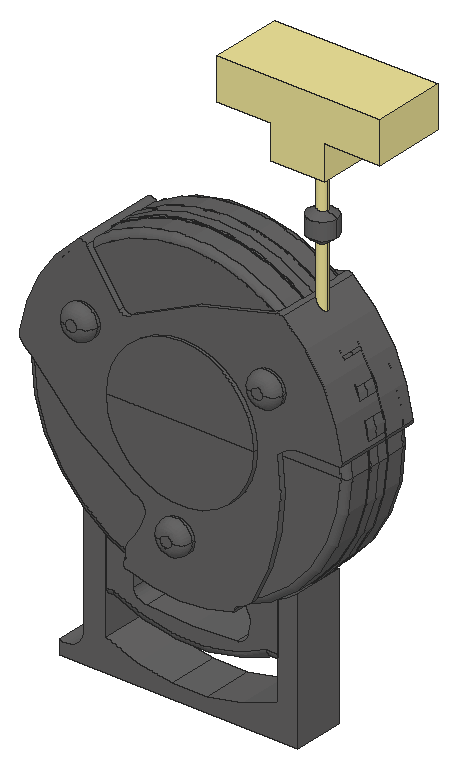
Revit family "Speciality_Equipment-Cord_Reel-Hubbell_Wiring-System_K5-HBLC40123TT", category Specialty Equipment, host Face, Revit 2015
Parameters (values of type "HBLC40123TT")
  Youtube clip = ""
  Weight Net (Kg) = "0"
  Wattage = 1875 W
  Voltage = 125 V
  Uniformat II Description = ""
  Uniformat II Code = ""
  Uniclass 2015 Name = "Hoses, hose reels and ancillaries"
  Uniclass 2015 Code = "Pr_65_52_38"
  Uniclass 2.0 Description = "Hoses And Hose Reels"
  Uniclass 2.0 Code = "PR-62-38"
  Uniclass 1.4 Description = "Hoses, hose reels and enclosures/cabinets"
  Uniclass 1.4 Code = "L882"
  URL = "http://www.hubbell-wiring.com/"
  UNSPSC Code = "26121635"
  Technical description = "https://hubbellcdn.com/catalogpage/Wiring_Catalog_K5_CatPage.pdf"
  Region South America = "None"
  Region Oceania = "None"
  Region North America = "US"
  Region Middle East = "None"
  Region Europe = "None"
  Region Asia = "None"
  Region Antarctica = "None"
  Region Africa = "None"
  QR code = "http://bimobject.com/hubbellwiring/product/Cord-and-Cable-Reels-HBLC40123TT"
  Product url = "https://www.hubbell.com/wiringdevice-kellems/en/Products/Electrical-Electronic/WireCableHose-Management/CableCordHose-Reels/Cord-Reels/HBLC40123TT/p/1646568"
  Product group = "Cord Reels"
  Product family = "Wire/Cable/Hose Management"
  Product data url = "https://bimobject.com/hubbellwiring/product/Cord-and-Cable-Reels-HBLC40123TT"
  Product certification = ""
  Product SKU = "Cord-and-Cable-Reels-HBLC40123TT"
  Product Page URL = "https://www.hubbell.com/wiringdevice-kellems/en/Products/Electrical-Electronic/WireCableHose-Management/CableCordHose-Reels/Cord-Reels/HBLC40123TT/p/1646568"
  Product Guid = "b8097240-b461-4c17-9f0d-d004f17924bf"
  Product Documentation Link = "https://hubbellcdn.com/catalogpage/Wiring_Catalog_K5_CatPage.pdf"
  OmniClass Description = "Electrical Cable Reels"
  OmniClass Code = "23-35 33 17 11"
  Nominal width = 0.000"
  Nominal height = 0.000"
  NBS Reference Description = "Hoses And Hose Reels"
  NBS Reference Code = "62-38"
  Model = "HBLC40123TT"
  Material secondary = ""
  Material main = "Steel"
  Masterformat 2014 Description = "Boxes for Electrical Systems"
  Masterformat 2014 Code = "26 05 33.16"
  Manufacturer name = "Hubbell Wiring Device-Kellems"
  Manufacturer country = "United States"
  Manufacturer = "Hubbell Wiring Device-Kellems"  # constant formula
  Installation instructions = ""
  IFC Classification = "Electric Distribution"
  Hardware Material = Metal-Hubbell-Yellow
  Electrical Connector Description = "Commercial Cord Reels"
  Edition number = 1
  EAN code = ""
  Design country = "United States"
  Description = "Reel with triple tap outlet, black"
  Default Elevation = 0.000"
  Date of publishing = ""
  Create Date = "09/19/2018"  # constant formula
  Cover Material = Metal-Hubbell-Black
  Copyright = "Copyright © 2018 Hubbell"
  COBIe Type Category = ""
  Brand url = "http://www.hubbell-wiring.com/"
  BIMobject main category code = "electrical"
  BIMobject main category = "Electrical"
  BIMobject category code = "electrical-outlets-sockets"
  BIMobject category = "Outlets & Sockets"
  Assembly Code = "D5090900"
  Amps = 15 A
Reference planes
  plane 1 "Center (Front/Back)": y = 0
  plane 2: z = 0
  plane 3 "Center (Left/Right)": x = 0
  plane 4: z = 393.954
  plane 5: x = 149.225
  plane 6: x = 114.3
  plane 7: y = -35.941
  plane 8: y = 35.941
Forms (mm)
  Revolve 1, solid, material "Metal-Hubbell-Black" <- "Cover Material"
    sketch origin (0, 0, 246.772) x (1, 0, 0) y (0, 1, 0)
      loop
        line (69.063, 35.576) -> (69.063, 44.348) -> (0, 44.348) -> (0, -44.348) -> (69.063, -44.348) -> (69.063, -35.941) -> (142.875, -35.941)
        arc (142.875, -35.941) -> (147.365, -34.081) -> (149.225, -29.591) r 6.35
        line (149.225, -29.591) -> (149.225, -11.253)
        arc (149.225, -11.253) -> (149.393, -10.794) -> (149.818, -10.551) r 0.712
        arc (149.818, -10.551) -> (150.185, -10.341) -> (150.33, -9.944) r 0.616
        line (150.33, -9.944) -> (150.33, 0) -> (150.33, 9.944)
        arc (150.33, 9.944) -> (150.185, 10.341) -> (149.818, 10.551) r 0.616
        arc (149.818, 10.551) -> (149.393, 10.794) -> (149.225, 11.253) r 0.712
        line (149.225, 11.253) -> (149.225, 29.226)
        arc (149.225, 29.226) -> (147.365, 33.716) -> (142.875, 35.576) r 6.35
        line (142.875, 35.576) -> (69.063, 35.576)
      axis (0, 44.348) -> (0, -44.348)
    angle from 0 to 360
  Extrusion 2, solid, material "Metal-Hubbell-Black" <- "Cover Material", detail levels fine
    sketch origin (6.35, -35.847, -6.35) x (1, 0, 0) y (0, 0, 1)
      loop
        arc (-90.654, 360.395) -> (-99.738, 365.741) -> (-109.731, 362.387) r 12.7
        arc (-109.731, 362.387) -> (-138.297, 325.703) -> (-154.1, 281.977) r 148.306
        arc (-154.1, 281.977) -> (-153.836, 270.186) -> (-148.747, 259.546) r 28.045
        arc (-148.747, 259.546) -> (-104.96, 213.165) -> (-52.931, 176.268) r 323.799
        arc (-52.931, 176.268) -> (-43.637, 171.147) -> (-42.004, 160.663) r 12.039
        arc (-42.004, 160.663) -> (-48.545, 146.073) -> (-58.356, 133.448) r 67.002
        arc (-58.356, 133.448) -> (-60.254, 123.923) -> (-58.356, 114.398) r 24.854
        arc (-58.356, 114.398) -> (-9.883, 105.754) -> (38.749, 113.458) r 148.306
        arc (38.749, 113.458) -> (48.672, 117.76) -> (57.72, 123.684) r 63.5
        arc (57.72, 123.684) -> (81.226, 187.957) -> (82.041, 256.39) r 203.027
        line (82.041, 256.39) -> (85.101, 258.957)
        arc (85.101, 258.957) -> (94.651, 264.471) -> (105.51, 266.386) r 31.75
        line (105.51, 266.386) -> (132.274, 266.386)
        arc (132.274, 266.386) -> (137.05, 268.551) -> (138.569, 273.571) r 6.35
        arc (138.569, 273.571) -> (121.91, 324.775) -> (88.067, 366.657) r 148.306
        arc (88.067, 366.657) -> (80.367, 370.775) -> (71.649, 371.265) r 20.235
        arc (71.649, 371.265) -> (6.86, 354.362) -> (-53.633, 325.661) r 357.112
        arc (-53.633, 325.661) -> (-59.983, 322.356) -> (-66.333, 325.661) r 7.752
        line (-66.333, 325.661) -> (-90.654, 360.395)
    from 0 to 5.08
  Extrusion 3, solid, material "Metal-Hubbell-Yellow" <- "Hardware Material", detail levels fine
    sketch origin (6.35, 0, 125.873) x (1, 0, 0) y (0, 1, 0)
      loop
        circle (90.905, 0) r 4.73
    from 228.146 to 360.34
  Extrusion 4, solid, material "Metal-Hubbell-Black" <- "Cover Material", detail levels fine
    sketch origin (0, 0, 0) x (1, 0, 0) y (0, 0, 1)
      loop
        circle (-94.025, 298.973) r 15.803
      loop
        circle (79.732, 303.362) r 15.803
      loop
        circle (-5.493, 149.612) r 15.803
    from 35.847 to 54.162
  Sweep 5, void, detail levels medium+fine
    path in 3D
      loop
        arc (-78.222, -54.162, 298.973) -> (-94.025, -54.162, 283.17) -> (-109.827, -54.162, 298.973) r 15.803
        arc (-109.827, -54.162, 298.973) -> (-94.025, -54.162, 314.775) -> (-78.222, -54.162, 298.973) r 15.803
    profile origin (-94.025, -54.162, 314.775) x (0, 0, 1) y (0, -1, 0)
      loop
        line (0, -10.521) -> (0, 0) -> (-10.516, 0)
        arc (-10.516, 0) -> (-3.082, -3.082) -> (0, -10.521) r 10.521
  Sweep 6, void, detail levels medium+fine
    path in 3D
      loop
        arc (95.535, -54.162, 303.362) -> (79.732, -54.162, 287.56) -> (63.93, -54.162, 303.362) r 15.803
        arc (63.93, -54.162, 303.362) -> (79.732, -54.162, 319.165) -> (95.535, -54.162, 303.362) r 15.803
    profile origin (79.732, -54.162, 319.165) x (0, 0, 1) y (0, -1, 0)
      loop
        line (0, 0) -> (-10.516, 0)
        arc (-10.516, 0) -> (-3.08, -3.08) -> (0, -10.516) r 10.516
        line (0, -10.516) -> (0, 0)
  Sweep 7, void, detail levels medium+fine
    path in 3D
      loop
        arc (10.31, -54.162, 149.612) -> (-5.493, -54.162, 133.809) -> (-21.295, -54.162, 149.612) r 15.803
        arc (-21.295, -54.162, 149.612) -> (-5.493, -54.162, 165.414) -> (10.31, -54.162, 149.612) r 15.803
    profile origin (-5.493, -54.162, 165.414) x (0, 0, 1) y (0, -1, 0)
      loop
        line (0, 0) -> (-10.516, 0)
        arc (-10.516, 0) -> (-3.08, -3.08) -> (0, -10.516) r 10.516
        line (0, -10.516) -> (0, 0)
  Extrusion 8, solid, material "Metal-Hubbell-Black" <- "Cover Material", detail levels medium+fine
    sketch origin (0, 0, 0) x (1, 0, 0) y (0, 0, -1)
      loop
        circle (-94.025, -298.973) r 15.803
      loop
        circle (79.732, -303.362) r 15.803
      loop
        circle (-5.493, -149.612) r 15.803
    from 35.847 to 54.162
  Sweep 9, void, detail levels fine
    path in 3D
      loop
        arc (-109.827, 54.162, 298.973) -> (-94.025, 54.162, 283.17) -> (-78.222, 54.162, 298.973) r 15.803
        arc (-78.222, 54.162, 298.973) -> (-94.025, 54.162, 314.775) -> (-109.827, 54.162, 298.973) r 15.803
    profile origin (-94.025, 54.162, 314.775) x (0, 0, 1) y (0, 1, 0)
      loop
        line (0, -10.521) -> (0, 0) -> (-10.516, 0)
        arc (-10.516, 0) -> (-3.082, -3.082) -> (0, -10.521) r 10.521
  Sweep 10, void, detail levels medium+fine
    path in 3D
      loop
        arc (95.535, 54.162, 303.362) -> (79.732, 54.162, 287.56) -> (63.93, 54.162, 303.362) r 15.803
        arc (63.93, 54.162, 303.362) -> (79.732, 54.162, 319.165) -> (95.535, 54.162, 303.362) r 15.803
    profile origin (79.732, 54.162, 319.165) x (0, 0, -1) y (0, 1, 0)
      loop
        line (0, 0) -> (0, -10.516)
        arc (0, -10.516) -> (3.08, -3.08) -> (10.516, 0) r 10.516
        line (10.516, 0) -> (0, 0)
  Sweep 11, void, detail levels medium+fine
    path in 3D
      loop
        arc (10.31, 54.162, 149.612) -> (-5.493, 54.162, 133.809) -> (-21.295, 54.162, 149.612) r 15.803
        arc (-21.295, 54.162, 149.612) -> (-5.493, 54.162, 165.414) -> (10.31, 54.162, 149.612) r 15.803
    profile origin (-5.493, 54.162, 165.414) x (0, 0, -1) y (0, 1, 0)
      loop
        line (0, 0) -> (0, -10.516)
        arc (0, -10.516) -> (3.08, -3.08) -> (10.516, 0) r 10.516
        line (10.516, 0) -> (0, 0)
  Extrusion 12, solid, material "Metal-Hubbell-Black" <- "Cover Material", detail levels fine
    sketch origin (0, 0, -6.35) x (1, 0, 0) y (0, 0, 1)
      loop
        arc (-52.761, 114.305) -> (-59.292, 116.832) -> (-62.023, 123.281) r 8.98
        line (-62.023, 123.281) -> (-106.017, 148.681) -> (-83.566, 126.23) -> (-83.566, 71.816) -> (-78.488, 71.816)
        arc (-78.488, 71.816) -> (-5.429, 54.546) -> (67.623, 71.847) r 163.027
        line (67.623, 71.847) -> (76.694, 71.847) -> (76.694, 124.414) -> (97.445, 156.367) -> (58.86, 128.334)
        arc (58.86, 128.334) -> (52.846, 119.376) -> (44.018, 113.172) r 29.571
        arc (44.018, 113.172) -> (50.404, 101.139) -> (49.504, 87.546) r 24.907
        arc (49.504, 87.546) -> (46.259, 79.713) -> (38.426, 76.468) r 11.078
        arc (38.426, 76.468) -> (-3.952, 73.982) -> (-46.331, 76.468) r 362.451
        arc (-46.331, 76.468) -> (-54.512, 79.857) -> (-57.9, 88.037) r 11.569
        arc (-57.9, 88.037) -> (-57.663, 101.628) -> (-52.761, 114.305) r 38.864
    from -21.376 to 26.296
  Extrusion 13, solid, material "Metal-Hubbell-Black" <- "Cover Material"
    sketch origin (0, 0, 0) x (1, 0, 0) y (0, 0, 1)
      loop
        line (-84.023, 120.337) -> (-104.888, 141.203) -> (-104.888, 26.084)
        arc (-104.888, 26.084) -> (-112.643, 14.116) -> (-126.885, 13.384) r 15.675
        line (-126.885, 13.384) -> (-126.885, 0) -> (95.365, 0) -> (95.365, 129.468)
        arc (95.365, 129.468) -> (86.244, 123.017) -> (76.315, 117.899) r 80.07
        line (76.315, 117.899) -> (76.315, 32.434)
        arc (76.315, 32.434) -> (43.893, 20.133) -> (9.879, 13.384) r 208.157
        line (9.879, 13.384) -> (-22.35, 13.384)
        arc (-22.35, 13.384) -> (-53.837, 19.425) -> (-84.023, 30.23) r 208.157
        line (-84.023, 30.23) -> (-84.023, 120.337)
    from 26.296 to -21.376
  Extrusion 14, void
    sketch origin (0, 0, 0) x (0, 1, 0) y (0, 0, 1)
      loop
        line (-26.296, 114.984) -> (-26.296, 101.748)
        arc (-26.296, 101.748) -> (-2.46, 113.076) -> (21.376, 101.748) r 30.741
        line (21.376, 101.748) -> (21.376, 114.984) -> (-26.296, 114.984)
    from 0 to 5.08
  Extrusion 15, solid, material "Metal-Hubbell-Black" <- "Cover Material", detail levels fine
    sketch origin (6.35, 35.847, -6.35) x (1, 0, 0) y (0, 0, -1)
      loop
        line (-90.654, -360.395) -> (-66.333, -325.661)
        arc (-66.333, -325.661) -> (-59.983, -322.356) -> (-53.633, -325.661) r 7.752
        arc (-53.633, -325.661) -> (6.86, -354.362) -> (71.649, -371.265) r 357.112
        arc (71.649, -371.265) -> (80.367, -370.775) -> (88.067, -366.657) r 20.235
        arc (88.067, -366.657) -> (121.91, -324.775) -> (138.569, -273.571) r 148.306
        arc (138.569, -273.571) -> (137.05, -268.551) -> (132.274, -266.386) r 6.35
        line (132.274, -266.386) -> (105.51, -266.386)
        arc (105.51, -266.386) -> (94.651, -264.471) -> (85.101, -258.957) r 31.75
        line (85.101, -258.957) -> (82.041, -256.39)
        arc (82.041, -256.39) -> (81.226, -187.957) -> (57.72, -123.684) r 203.027
        arc (57.72, -123.684) -> (48.672, -117.76) -> (38.749, -113.458) r 63.5
        arc (38.749, -113.458) -> (-9.883, -105.754) -> (-58.356, -114.398) r 148.306
        arc (-58.356, -114.398) -> (-60.254, -123.923) -> (-58.356, -133.448) r 24.854
        arc (-58.356, -133.448) -> (-48.545, -146.073) -> (-42.004, -160.663) r 67.002
        arc (-42.004, -160.663) -> (-43.637, -171.147) -> (-52.931, -176.268) r 12.039
        arc (-52.931, -176.268) -> (-104.96, -213.165) -> (-148.747, -259.546) r 323.799
        arc (-148.747, -259.546) -> (-153.836, -270.186) -> (-154.1, -281.977) r 28.045
        arc (-154.1, -281.977) -> (-138.297, -325.703) -> (-109.731, -362.387) r 148.306
        arc (-109.731, -362.387) -> (-99.738, -365.741) -> (-90.654, -360.395) r 12.7
    from 0 to 5.08
  Extrusion 16, solid, material "Metal-Hubbell-Black" <- "Cover Material", detail levels fine
    sketch origin (0, 0, 0) x (1, 0, 0) y (0, 0, 1)
      loop
        arc (-103.381, 356.037) -> (-93.388, 359.391) -> (-84.304, 354.045) r 12.7
        line (-84.304, 354.045) -> (-90.585, 363.014)
        arc (-90.585, 363.014) -> (-94.957, 365.668) -> (-99.868, 364.237) r 6.35
        arc (-99.868, 364.237) -> (-135.178, 321.382) -> (-152.755, 268.71) r 152.116
        arc (-152.755, 268.71) -> (-152.144, 263.288) -> (-149.001, 258.828) r 10.992
        line (-149.001, 258.828) -> (-142.397, 253.196)
        arc (-142.397, 253.196) -> (-147.486, 263.836) -> (-147.75, 275.627) r 28.045
        arc (-147.75, 275.627) -> (-131.947, 319.353) -> (-103.381, 356.037) r 148.306
    from -40.927 to 40.927
  Extrusion 17, solid, material "Metal-Hubbell-Black" <- "Cover Material", detail levels fine
    sketch origin (218.191, 0, 365.973) x (-0.475528, 0, 0.8797) y (-0.8797, 0, -0.475528)
      loop
        arc (-100.19, 358.717) -> (-98.14, 359.861) -> (-95.794, 359.933) r 4.953
        arc (-95.794, 359.933) -> (-94.54, 359.633) -> (-93.303, 359.268) r 24.854
        arc (-93.303, 359.268) -> (-92.642, 359.534) -> (-92.783, 360.232) r 0.557
        line (-92.783, 360.232) -> (-96.604, 363.304)
        arc (-96.604, 363.304) -> (-98.798, 364.043) -> (-100.948, 363.185) r 3.355
        arc (-100.948, 363.185) -> (-132.472, 323.521) -> (-149.222, 275.705) r 152.116
        arc (-149.222, 275.705) -> (-149.083, 274.271) -> (-148.237, 273.105) r 2.742
        line (-148.237, 273.105) -> (-146.205, 271.472)
        arc (-146.205, 271.472) -> (-145.469, 271.402) -> (-145.115, 272.05) r 0.671
        arc (-145.115, 272.05) -> (-145.216, 274.584) -> (-145.099, 277.118) r 29.571
        arc (-145.099, 277.118) -> (-129.217, 321.534) -> (-100.19, 358.717) r 148.306
    from -40.927 to 40.927
  Extrusion 18, solid, material "Metal-Hubbell-Black" <- "Cover Material", detail levels fine
    sketch origin (-207.776, 0, 367.532) x (-0.515077, 0, -0.857144) y (0.857144, 0, -0.515077)
      loop
        arc (-95.684, 353.978) -> (-90.599, 355.262) -> (-86.283, 352.284) r 6.35
        line (-86.283, 352.284) -> (-89.86, 358.237)
        arc (-89.86, 358.237) -> (-92.259, 359.914) -> (-95.11, 359.25) r 3.593
        arc (-95.11, 359.25) -> (-134.69, 314.552) -> (-154.019, 258.065) r 152.116
        arc (-154.019, 258.065) -> (-153.674, 255.008) -> (-151.932, 252.472) r 6.35
        line (-151.932, 252.472) -> (-144.953, 246.298)
        arc (-144.953, 246.298) -> (-149.024, 254.023) -> (-149.46, 262.745) r 20.235
        arc (-149.46, 262.745) -> (-130.993, 313.325) -> (-95.684, 353.978) r 148.306
    from -40.927 to 40.927
  Sweep 19, void
    path in 3D
      loop
        line (76.694, -26.296, 65.497) -> (67.623, -26.296, 65.497)
        arc (67.623, -26.296, 65.497) -> (-5.429, -26.296, 48.196) -> (-78.488, -26.296, 65.466) r 163.027
        line (-78.488, -26.296, 65.466) -> (-83.566, -26.296, 65.466)
    profile origin (-5.429, -26.296, 48.196) x (0.00021, 0, -1) y (0, -1, 0)
      loop
        line (0, 0) -> (-6.35, 0)
        arc (-6.35, 0) -> (-1.86, -1.86) -> (0, -6.35) r 6.35
        line (0, -6.35) -> (0, 0)
  Sweep 20, void
    path in 3D
      loop
        line (76.694, 21.599, 65.497) -> (67.623, 21.599, 65.497)
        arc (67.623, 21.599, 65.497) -> (-5.429, 21.599, 48.196) -> (-78.488, 21.599, 65.466) r 163.027
        line (-78.488, 21.599, 65.466) -> (-83.566, 21.599, 65.466)
    profile origin (-5.429, 21.599, 48.196) x (-0.00021, 0, 1) y (0, 1, 0)
      loop
        line (0, 0) -> (0, -6.35)
        arc (0, -6.35) -> (1.86, -1.86) -> (6.35, 0) r 6.35
        line (6.35, 0) -> (0, 0)
  Revolve 21, solid, material "Metal-Hubbell-Black" <- "Cover Material", detail levels fine
    sketch origin (0, 0, -31.75) x (1, 0, 0) y (0, 0, 1)
      loop
        line (97.255, 445.734) -> (101.399, 445.734) -> (110.451, 452.878) -> (110.451, 468.753) -> (99.985, 474.948) -> (97.255, 474.948) -> (97.255, 445.734)
      axis (97.255, 445.734) -> (97.255, 474.948)
    angle from 0 to 360
  Extrusion 22, solid, material "Metal-Hubbell-Yellow" <- "Hardware Material", detail levels fine
    sketch origin (0, 0, 1.012) x (1, 0, 0) y (0, 0, 1)
      loop
        line (22.786, 555.367) -> (22.786, 517.267) -> (73.586, 517.267) -> (73.586, 485.517) -> (124.386, 485.517) -> (124.386, 517.267) -> (175.186, 517.267) -> (175.186, 555.367) -> (22.786, 555.367)
    from -37.418 to 30.763
Cuts and joins
  Sweep 5, Sweep 6, Sweep 7, Sweep 9, Sweep 10, Sweep 11 cuts Extrusion 4
  Sweep 9, Sweep 10, Sweep 11 cuts Extrusion 8
  Extrusion 14 cuts Revolve 1
  joined: Extrusion 2, Extrusion 15, Extrusion 16, Extrusion 17, Extrusion 18
  Sweep 19, Sweep 20 cuts Extrusion 12
  Sweep 19, Sweep 20 cuts Extrusion 13
  joined: Extrusion 3, Extrusion 22
Lines and regions (mm)
  sketch lines
    curve 1: arc (-109.827, -54.162, 298.973) -> (-94.025, -54.162, 314.775) -> (-78.222, -54.162, 298.973) r 15.803
    curve 2: arc (-78.222, -54.162, 298.973) -> (-94.025, -54.162, 283.17) -> (-109.827, -54.162, 298.973) r 15.803
    curve 3: arc (63.93, -54.162, 303.362) -> (79.732, -54.162, 319.165) -> (95.535, -54.162, 303.362) r 15.803
    curve 4: arc (95.535, -54.162, 303.362) -> (79.732, -54.162, 287.56) -> (63.93, -54.162, 303.362) r 15.803
    curve 5: arc (-21.295, -54.162, 149.612) -> (-5.493, -54.162, 165.414) -> (10.31, -54.162, 149.612) r 15.803
    curve 6: arc (10.31, -54.162, 149.612) -> (-5.493, -54.162, 133.809) -> (-21.295, -54.162, 149.612) r 15.803
    curve 7: arc (-78.222, 54.162, 298.973) -> (-94.025, 54.162, 314.775) -> (-109.827, 54.162, 298.973) r 15.803
    curve 8: arc (-109.827, 54.162, 298.973) -> (-94.025, 54.162, 283.17) -> (-78.222, 54.162, 298.973) r 15.803
    curve 9: arc (63.93, 54.162, 303.362) -> (79.732, 54.162, 319.165) -> (95.535, 54.162, 303.362) r 15.803
    curve 10: arc (95.535, 54.162, 303.362) -> (79.732, 54.162, 287.56) -> (63.93, 54.162, 303.362) r 15.803
    curve 11: arc (-21.295, 54.162, 149.612) -> (-5.493, 54.162, 165.414) -> (10.31, 54.162, 149.612) r 15.803
    curve 12: arc (10.31, 54.162, 149.612) -> (-5.493, 54.162, 133.809) -> (-21.295, 54.162, 149.612) r 15.803
    curve 13: arc (67.623, -26.296, 65.497) -> (-5.429, -26.296, 48.196) -> (-78.488, -26.296, 65.466) r 163.027
    curve 14: line (67.623, -26.296, 65.497) -> (76.694, -26.296, 65.497)
    curve 15: line (-83.566, -26.296, 65.466) -> (-78.488, -26.296, 65.466)
    curve 16: arc (67.623, 21.599, 65.497) -> (-5.429, 21.599, 48.196) -> (-78.488, 21.599, 65.466) r 163.027
    curve 17: line (67.623, 21.599, 65.497) -> (76.694, 21.599, 65.497)
    curve 18: line (-83.566, 21.599, 65.466) -> (-78.488, 21.599, 65.466)
  symbolic lines
    curve 19: line (-155.031, 58.238, 0) -> (149.225, 58.238, 0)
    curve 20: line (-155.031, -56.044, 0) -> (-155.031, 58.238, 0)
    curve 21: line (149.225, -56.044, 0) -> (-155.031, -56.044, 0)
    curve 22: line (149.225, 58.238, 0) -> (149.225, -56.044, 0)
    curve 23: line (-104.888, 0, 114.984) -> (-104.888, 0, 26.084)
    curve 24: arc (-104.888, 0, 26.084) -> (-112.643, 0, 14.116) -> (-126.885, 0, 13.384) r 15.675
    curve 25: line (95.365, 0, 0) -> (95.365, 0, 114.984)
    curve 26: line (95.365, 0, 114.984) -> (76.315, 0, 114.984)
    curve 27: line (76.315, 0, 114.984) -> (76.315, 0, 32.434)
    curve 28: arc (76.315, 0, 32.434) -> (43.893, 0, 20.133) -> (9.879, 0, 13.384) r 208.157
    curve 29: arc (-22.35, 0, 13.384) -> (-53.837, 0, 19.425) -> (-84.023, 0, 30.23) r 208.157
    curve 30: line (9.879, 0, 13.384) -> (-22.35, 0, 13.384)
    curve 31: line (-84.023, 0, 30.23) -> (-84.023, 0, 114.984)
    curve 32: line (-84.023, 0, 114.984) -> (-104.888, 0, 114.984)
    curve 33: line (95.365, 0, 0) -> (-126.885, 0, 0)
    curve 34: line (-126.885, 0, 13.384) -> (-126.885, 0, 0)
    curve 35: line (-84.023, 0, 70.147) -> (-77.372, 0, 70.147)
    curve 36: arc (-77.372, 0, 70.147) -> (-6.052, 0, 52.746) -> (64.911, 0, 71.553) r 148.833
    curve 37: line (64.911, 0, 71.553) -> (76.315, 0, 71.553)
    curve 38: line (-84.023, 0, 65.466) -> (-78.493, 0, 65.466)
    curve 39: arc (-78.493, 0, 65.466) -> (-5.466, 0, 48.139) -> (67.562, 0, 65.466) r 162.563
    curve 40: line (67.562, 0, 65.466) -> (76.315, 0, 65.466)
    curve 41: circle (0, 0, 245.814) r 153.67 normal (0, -1, 0)
    curve 81: line (0, 40.927, 367.717) -> (0, -40.927, 367.717)
    curve 82: line (0, 40.927, 95.587) -> (0, 40.927, 367.717)
    curve 83: line (0, -40.927, 95.587) -> (0, 40.927, 95.587)
    curve 84: line (0, -40.927, 367.717) -> (0, -40.927, 95.587)
    curve 105: line (0, 21.376, 95.587) -> (0, -26.296, 95.587)
    curve 106: line (0, 21.376, 0) -> (0, 21.376, 95.587)
    curve 107: line (0, -26.296, 0) -> (0, 21.376, 0)
    curve 108: line (0, -26.296, 95.587) -> (0, -26.296, 0)
  symbolic lines, detail levels fine
    curve 42: line (-59.983, 0, 319.311) -> (-90.585, 0, 363.014)
    curve 43: arc (-142.397, 0, 253.196) -> (-98.61, 0, 206.815) -> (-46.581, 0, 169.918) r 323.799
    curve 44: arc (-46.581, 0, 169.918) -> (-37.287, 0, 164.797) -> (-35.654, 0, 154.313) r 12.039
    curve 45: arc (-35.654, 0, 154.313) -> (-42.195, 0, 139.723) -> (-52.006, 0, 127.098) r 67.002
    curve 46: arc (64.07, 0, 117.334) -> (87.576, 0, 181.607) -> (88.391, 0, 250.04) r 203.027
    curve 47: arc (91.451, 0, 252.607) -> (101.001, 0, 258.121) -> (111.86, 0, 260.036) r 31.75
    curve 48: line (111.86, 0, 260.036) -> (145.569, 0, 260.036)
    curve 49: arc (77.999, 0, 364.915) -> (13.21, 0, 348.012) -> (-47.283, 0, 319.311) r 357.112
    curve 50: line (-59.983, 0, 319.311) -> (-90.585, 0, 363.014)
    curve 51: arc (-47.283, 0, 319.311) -> (-53.633, 0, 316.006) -> (-59.983, 0, 319.311) r 7.752
    curve 52: arc (77.999, 0, 364.915) -> (86.717, 0, 364.425) -> (94.417, 0, 360.307) r 20.235
    curve 53: arc (94.417, 0, 360.307) -> (128.26, 0, 318.425) -> (144.919, 0, 267.221) r 148.306
    curve 54: arc (144.919, 0, 267.221) -> (143.4, 0, 262.201) -> (138.624, 0, 260.036) r 6.35
    curve 55: line (111.86, 0, 260.036) -> (145.569, 0, 260.036)
    curve 56: line (88.391, 0, 250.04) -> (91.451, 0, 252.607)
    curve 57: arc (91.451, 0, 252.607) -> (101.001, 0, 258.121) -> (111.86, 0, 260.036) r 31.75
    curve 60: circle (-94.509, 0, 298.785) r 16.005 normal (0, -1, 0)
    curve 61: circle (-5.977, 0, 149.424) r 16.005 normal (0, -1, 0)
    curve 62: circle (79.249, 0, 303.174) r 16.005 normal (0, -1, 0)
    curve 63: arc (-52.761, 0, 107.955) -> (6.691, 0, 99.736) -> (64.07, 0, 117.334) r 139.075
    curve 64: arc (-142.397, 0, 253.196) -> (-146.748, 0, 261.285) -> (-148.252, 0, 270.346) r 28.045
    curve 65: arc (-99.341, 0, 358.585) -> (-93.412, 0, 359.391) -> (-87.483, 0, 358.585) r 22.192
    curve 66: arc (-148.252, 0, 270.346) -> (-132.149, 0, 319.095) -> (-99.341, 0, 358.585) r 138.004
    curve 67: arc (-52.006, 0, 127.098) -> (-53.848, 0, 119.241) -> (-53.075, 0, 111.208) r 24.854
    curve 68: arc (-49.73, 0, 107.255) -> (-51.711, 0, 108.514) -> (-52.89, 0, 110.545) r 4.953
    curve 69: line (22.786, 0, 518.279) -> (73.586, 0, 518.279)
    curve 70: line (73.586, 0, 518.279) -> (73.586, 0, 486.529)
    curve 71: line (73.586, 0, 486.529) -> (124.386, 0, 486.529)
    curve 72: line (124.386, 0, 486.529) -> (124.386, 0, 518.279)
    curve 73: line (124.386, 0, 518.279) -> (175.186, 0, 518.279)
    curve 74: line (175.186, 0, 518.279) -> (175.186, 0, 556.379)
    curve 75: line (175.186, 0, 556.379) -> (22.786, 0, 556.379)
    curve 76: line (22.786, 0, 556.379) -> (22.786, 0, 518.279)
    curve 77: line (92.525, 0, 486.529) -> (102.902, 0, 486.529)
    curve 78: line (92.525, 0, 359.944) -> (92.525, 0, 486.529)
    curve 79: line (102.902, 0, 359.944) -> (92.525, 0, 359.944)
    curve 80: line (102.902, 0, 486.529) -> (102.902, 0, 359.944)
    curve 109: line (0, 37.418, 486.529) -> (0, -30.763, 486.529)
    curve 110: line (0, 37.418, 556.379) -> (0, 37.418, 486.529)
    curve 111: line (0, -30.763, 556.379) -> (0, 37.418, 556.379)
    curve 112: line (0, -30.763, 486.529) -> (0, -30.763, 556.379)
    curve 113: line (0, 5.105, 486.529) -> (0, -4.446, 486.529)
    curve 114: line (0, 5.105, 367.717) -> (0, 5.105, 486.529)
    curve 115: line (0, -4.446, 367.717) -> (0, 5.105, 367.717)
    curve 116: line (0, -4.446, 486.529) -> (0, -4.446, 367.717)
  symbolic lines, detail levels medium+fine
    curve 58: arc (-69.063, 0, 246.772) -> (0, 0, 315.834) -> (69.063, 0, 246.772) r 69.063
    curve 59: arc (69.063, 0, 246.772) -> (0, 0, 177.709) -> (-69.063, 0, 246.772) r 69.063
    curve 85: line (0, 40.927, 319.311) -> (0, 43.717, 319.311)
    curve 86: line (0, 53.627, 309.401) -> (0, 53.627, 291.658)
    curve 87: line (0, 45.226, 283.257) -> (0, 40.927, 283.257)
    curve 88: arc (0, 43.717, 319.311) -> (0, 50.724, 316.409) -> (0, 53.627, 309.401) r 9.91
    curve 89: arc (0, 53.627, 291.658) -> (0, 51.166, 285.717) -> (0, 45.226, 283.257) r 8.401
    curve 90: line (0, -40.927, 319.311) -> (0, -43.717, 319.311)
    curve 91: line (0, -53.627, 309.401) -> (0, -53.627, 291.658)
    curve 92: line (0, -45.226, 283.257) -> (0, -40.927, 283.257)
    curve 93: arc (0, -43.717, 319.311) -> (0, -50.724, 316.409) -> (0, -53.627, 309.401) r 9.91
    curve 94: arc (0, -53.627, 291.658) -> (0, -51.166, 285.717) -> (0, -45.226, 283.257) r 8.401
    curve 95: line (0, 40.927, 131.587) -> (0, 43.717, 131.587)
    curve 96: line (0, 53.627, 141.498) -> (0, 53.627, 159.241)
    curve 97: line (0, 45.226, 167.642) -> (0, 40.927, 167.642)
    curve 98: arc (0, 43.717, 131.587) -> (0, 50.724, 134.49) -> (0, 53.627, 141.498) r 9.91
    curve 99: arc (0, 53.627, 159.241) -> (0, 51.166, 165.181) -> (0, 45.226, 167.642) r 8.401
    curve 100: line (0, -40.927, 131.587) -> (0, -43.717, 131.587)
    curve 101: line (0, -53.627, 141.498) -> (0, -53.627, 159.241)
    curve 102: line (0, -45.226, 167.642) -> (0, -40.927, 167.642)
    curve 103: arc (0, -43.717, 131.587) -> (0, -50.724, 134.49) -> (0, -53.627, 141.498) r 9.91
    curve 104: arc (0, -53.627, 159.241) -> (0, -51.166, 165.181) -> (0, -45.226, 167.642) r 8.401
Dimensions and locks
  plane 4 to plane 2 = 15.510"
  plane 3 "Center (Left/Right)" to plane 5 = 5.875"
  aligned and locked: plane 2 to host face
  aligned and locked: level to host face
Connectors
  electrical at (-15.76, -2.46, 0)
    settings: on cut or joined group of Extrusion 13, Sweep 19, Sweep 20, index 1, voltage 125 V, apparent load 0 VA, apparent load phase1 0 VA, apparent load phase2 0 VA, apparent load phase3 0 VA, power factor 1, load classification "Other", number of poles 1, system type 30, power factor state 1, is connector primary yes, connector utility no, sub classification motor no, connector description "Reel with Triple Tap Outlet"
